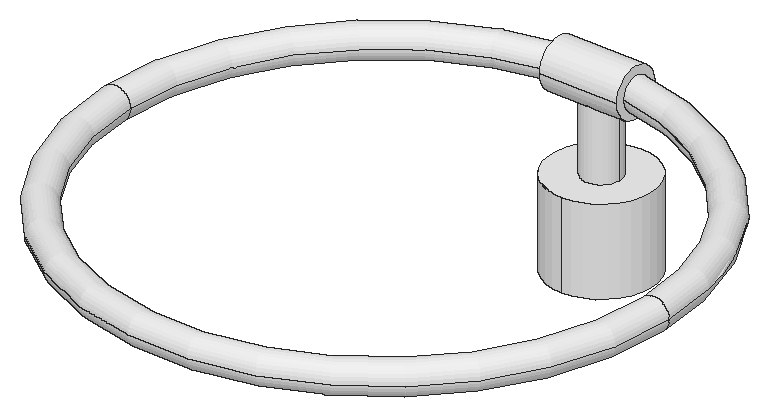
Revit family "Towel_Ring-GROHE-Atrio-40887_Series", category Specialty Equipment, host Face, Revit 2019
Family settings
  Host = Face
  Round Connector Dimension = Use Diameter
  Part Type = Normal
  OmniClass Number = 23.40.20.21
  OmniClass Title = Toilet and Bath Specialties
  Cut with Voids When Loaded = No
  Shared = Yes
  Room Calculation Point = No
Parameters (values of type "40887GN0")
  Width = 7 7/8"  # constant formula
  URL = "https://www.grohe.us/"
  Type Comments = ""
  Price = "Prices may vary. Please consult Manufacturer Representative for most up-to-date price list."  # constant formula
  Model = "40887GN0"
  Material = "Metal-Grohe-GN0-Brushed Cool Sunrise"
  Manufacturer = "Grohe"
  Length = 2 11/16"  # constant formula
  Installation Type = "Wall Mounted"
  Height = 8 3/8"  # constant formula
  Finish = Metal-Grohe-GN0-Brushed Cool Sunrise
  Description = "Atrio 8\" Towel Ring"
  Default Elevation = 48"  # constant formula
  Creation Date = "06/12/2023"  # constant formula
  Assembly Code = "C1030200"
Types (5): name | Model | Material | Finish
  (no name) | "40887GN0" | "Metal-Grohe-GN0-Brushed Cool Sunrise" | Metal-Grohe-GN0-Brushed Cool Sunrise
  40887000 | "40887000" | "Metal-Grohe-000-StarLight Chrome" | Metal-Grohe-000-StarLight Chrome
  408872430 | "408872430" | "Metal-Grohe-2430-Matte Black" | Metal-Grohe-2430-Matte Black
  40887EN0 | "40887EN0" | "Metal-Grohe-EN0-Brushed Nickel Infinity Finish" | Metal-Grohe-EN0-Brushed Nickel Infinity Finish
  40887GN0 | "40887GN0" | "Metal-Grohe-GN0-Brushed Cool Sunrise" | Metal-Grohe-GN0-Brushed Cool Sunrise
Reference planes (in)
  plane 1 "Center (Front/Back)": y = 0
  plane 2: z = 0
  plane 3 "Center (Left/Right)": x = 0
  plane 4: z = 1.1875
  plane 5: y = 0.6875
  plane 6: z = 3.68285
  plane 7: y = -7.6875
  plane 8: y = -0.6875
  plane 9: z = 2.6875
  plane 10: y = 0.1875
  plane 11: x = 3.9375
  plane 12: x = -3.9375
  plane 13: y = -48
Forms (in)
  Extrusion 1, solid, material "Metal-Grohe-000-StarLight Chrome"
    sketch origin (42.91277, -0.09375, 0.8125) x (0, -1, 0) y (1, 0, 0)
      loop
        circle (-0.09375, -42.91277) r 0.6875
    from 0.36481 to -0.8125
  Extrusion 2, solid, material "Metal-Grohe-000-StarLight Chrome"
    sketch origin (0, 0, 0.36481) x (1, 0, 0) y (0, 1, 0)
      loop
        circle (0, 0) r 0.25
    from 0.8125 to 1.97698
  Sweep 3, solid, material "Metal-Grohe-000-StarLight Chrome"
    path origin (0, -0.50618, -0.10938) x (1, 0, 0) y (0, 1, 0)
      loop
        circle (0, -3.24382) r 3.9375
    profile origin (0, 0.1875, -0.10938) x (0, -1, 0) y (0, 0, 1)
      loop
        circle (0.21433, 2.5) r 0.21295
  Extrusion 4, solid, material "Metal-Grohe-000-StarLight Chrome"
    sketch origin (0, 0, 0) x (0, 1, 0) y (0, 0, 1)
      loop
        circle (-0.0625, 2.38802) r 0.32652
    from -0.54106 to 0.52522
Cuts and joins
  joined: Extrusion 1, Extrusion 2, Sweep 3, Extrusion 4
Lines and regions (in)
  Masking region 1
    outline origin (0, 0, 0) x (1, 0, 0) y (0, 0, 1)
      loop
        line (-0.6875, 0) -> (0.6875, 0) -> (0.6875, 1.17731) -> (0.25, 1.17731) -> (0.25, 2.0615) -> (0.52522, 2.0615) -> (0.52522, 2.17599) -> (3.72055, 2.17599)
        arc (3.72055, 2.17599) -> (3.93335, 2.38878) -> (3.72055, 2.60158) r 0.2128
        line (3.72055, 2.60158) -> (0.52522, 2.60158) -> (0.52522, 2.71455) -> (-0.54106, 2.71455) -> (-0.54106, 2.60158) -> (-3.72055, 2.60158)
        arc (-3.72055, 2.60158) -> (-3.93335, 2.38878) -> (-3.72055, 2.17599) r 0.2128
        line (-3.72055, 2.17599) -> (-0.54106, 2.17599) -> (-0.54106, 2.0615) -> (-0.25, 2.0615) -> (-0.25, 1.17731) -> (-0.6875, 1.17731) -> (-0.6875, 0)
  symbolic lines, style "PlumbingFixtures", detail levels medium+fine
    curve 1: line (0.25, 0, 2.09708) -> (-0.25, 0, 2.09708)
    curve 2: line (0.25, 0, 2.06754) -> (-0.25, 0, 2.06754)
    curve 3: line (0.52522, 0, 2.60158) -> (0.52522, 0, 2.17741)
    curve 4: line (-0.54106, 0, 2.60158) -> (-0.54106, 0, 2.17599)
Dimensions and locks (in)
  plane 5 to plane 1 "Center (Front/Back)" = 11/16"
  locked: plane 5 to plane 1 "Center (Front/Back)" at 0.6875
  locked: plane 5 to plane 8 at 1.375
  "Length": plane 9 to plane 2
  "Height": plane 5 to plane 7
  locked: plane 10 to plane 7 at 7.875
  locked: plane 3 "Center (Left/Right)" to plane 11 at 3.9375
  plane 12 to plane 3 "Center (Left/Right)" = 3 15/16"
  "Width": plane 12 to plane 11
  "Default Elevation": plane 1 "Center (Front/Back)" to plane 13
  aligned and locked: plane 2 to host face
  aligned and locked: level to host face
  aligned and locked: Masking region 1 sketch curve to cut or joined group of Extrusion 1, Extrusion 2, Sweep 3, Extrusion 4  (x3)
  aligned and locked: Masking region 1 to cut or joined group of Extrusion 1, Extrusion 2, Sweep 3, Extrusion 4
Automatic sketch dimensions
  host sketch curve to host sketch curve = 96"  (x2)
  plane 1 "Center (Front/Back)" to Extrusion 1 sketch curve = 0"
  Extrusion 1 sketch curve to plane 3 "Center (Left/Right)" = 0"
  plane 1 "Center (Front/Back)" to Extrusion 2 sketch curve = 0"
  Extrusion 2 sketch curve to plane 3 "Center (Left/Right)" = 0"
  Sweep 3 sketch curve to plane 3 "Center (Left/Right)" = 0"
  Sweep 3 sketch curve to plane 8 = 3 1/16"
  Sweep 3 sketch curve to profile plane = 0.21433"
  profile plane to Sweep 3 sketch curve = 2 1/2"
  plane 1 "Center (Front/Back)" to Extrusion 4 sketch curve = 1/16"
  plane 9 to Extrusion 4 sketch curve = 0.29948"
  Masking region 1 sketch curve to level = 0"
  plane 12 to Masking region 1 sketch curve = 0.21695"
  Masking region 1 sketch curve to plane 3 "Center (Left/Right)" = 11/16"
  Masking region 1 sketch curve to plane 3 "Center (Left/Right)" = 0.54106"
  Masking region 1 sketch curve to plane 9 = 0.02705"
  plane 3 "Center (Left/Right)" to Masking region 1 sketch curve = 1/4"
  plane 9 to Masking region 1 sketch curve = 11/128"
  plane 3 "Center (Left/Right)" to Masking region 1 sketch curve = 11/16"
  plane 11 to Masking region 1 sketch curve = 0.21695"
  Masking region 1 sketch curve to Masking region 1 sketch curve = 0.54008"
  Masking region 1 sketch curve to Masking region 1 sketch curve = 0.42559"
  Masking region 1 sketch curve to Masking region 1 sketch curve = 0.2128"
  Masking region 1 sketch curve to Masking region 1 sketch curve = 0.29106"
  Masking region 1 sketch curve to Masking region 1 sketch curve = 0.11449"
  Masking region 1 sketch curve to Masking region 1 sketch curve = 0.27522"
  Masking region 1 sketch curve to Masking region 1 sketch curve = 0"
  plane 9 to Masking region 1 sketch curve = 0.626"
  curve 4 to plane 3 "Center (Left/Right)" = 0.54106"
  curve 1 to plane 3 "Center (Left/Right)" = 1/4"
  plane 4 to curve 1 = 0.90958"
  curve 2 to plane 3 "Center (Left/Right)" = 1/4"
  plane 3 "Center (Left/Right)" to curve 2 = 1/4"
  plane 3 "Center (Left/Right)" to curve 1 = 1/4"
  curve 2 to curve 3 = 0.27522"
  plane 9 to curve 2 = 0.61996"
  curve 2 to curve 4 = 0.10845"
  curve 2 to curve 3 = 0.10988"
  plane 9 to curve 4 = 11/128"
  plane 9 to curve 3 = 11/128"
  radius of Extrusion 1 sketch curve = 11/16"
  radius of Extrusion 2 sketch curve = 1/4"
  radius of Sweep 3 sketch curve = 3 15/16"
  radius of Sweep 3 sketch curve = 0.21295"
  radius of Extrusion 4 sketch curve = 0.32652"
